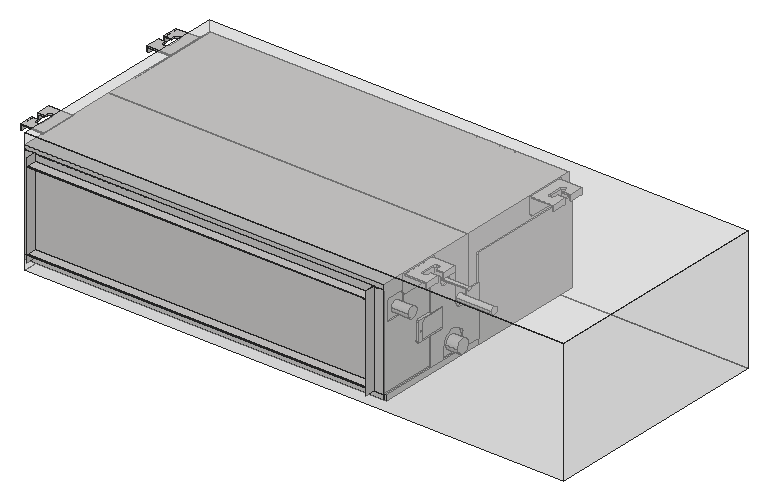
Revit family "outputfile", category 機械設備, Revit 2024
Family settings
  丸型コネクタ寸法 = 半径を使用
  パーツ タイプ = 標準
  OmniClass 番号 = 23.75.10.24.21.27.27
  OmniClass タイトル = Split System Air Conditioning Units
  作業面ベース = いいえ
  常に垂直 = はい
  ロード時にボイドで切り取り = いいえ
  注釈の向きを維持 = いいえ
  共有 = いいえ
  部屋計算ポイント = はい
Parameters (values of type "FXDQ20TV1C")
  Description = ""
  製造元 = "Daikin"
  書き出し IFC クラス(タイプ) = "IfcUnitaryEquipmentType"
  定義済み IFC タイプ(タイプ) = "AIRCONDITIONINGUNIT"
  Cost = 0
  モデル = "FXDQ20TV1C"
  Type Comments = ""
  Keynote = ""
  Type Image = (empty or 0)
  Assembly Code = ""
  r_Liquid Pipe Size = Liquid Pipe Size / 2  # 3.2 mm
  r_Gas Pipe Size = Gas Pipe Size / 2  # 6.35 mm
  r_Drain Pipe Size = Drain Pipe Size / 2  # 10.0 mm
  lw_powersuply = 65.0 mm  # constant formula
  lh_suctionflange [instance] = [h***] + 100.5 mm  # 100.5 mm
  lh_mounting = lh_mountinghole + [h***]  # 200.0 mm
  ld_suctionflange [instance] = if(and(Rear Connection_Return Air, Width = 700.0 mm), 94.5 mm, if(and(Rear Connection_Return Air, Width = 900.0 mm), 94.0 mm, if(and(Rear Connection_Return Air, Width = 1100.0 mm), 94.0 mm, 100.5 mm)))  # 94.5 mm
  ld_powersuply = 64.0 mm  # constant formula
  ld_mountinghole_Back = if(Width = 900.0 mm, 169.0 mm, 165.0 mm)  # 165.0 mm
  ld_mountinghole_Front = if(Width = 900.0 mm, 140.0 mm, 144.0 mm)  # 144.0 mm
  ld_RA_below = if(Width = 700.0 mm, 189.0 mm, 188.0 mm)  # 189.0 mm
  ld_RA = if(Width = 700.0 mm, 94.5 mm, 94.0 mm)  # 94.5 mm
  angle_vertical_RA [instance] = if(Rear Connection_Return Air, 90.00°, 0.00°)  # 90.00°
  angle horizontal_RA [instance] = if(Rear Connection_Return Air, 180.00°, 270.00°)  # 180.00°
  Voltage_comment_50Hz = "220-240"
  Voltage_50Hz = 220 V
  URL = ""
  Supply Air Direction [instance] = yes
  Sound Power Level_H speed (dB) = 0
  Rear Connection_Return Air [instance] = not(Bottom Connection_Return Air)  # yes
  Phase_50Hz = 1
  Minimum External Static Pressure = 10.00 Pa
  Minimum Circuit Amps_50Hz = 0.6 A
  Maximum Fuse Amps_50Hz = 15.0 A
  Maximum External Static Pressure = 40.00 Pa
  Material_Casing = DAIKIN_GalvanizedSteel_Casing_indoorunit
  ld_liquidpipe = 142.0 mm  # constant formula
  ld_gaspipe = 181.0 mm  # constant formula
  lw_mountinghole = Width + 52.0 mm  # 752.0 mm
  ld_drainpipe = 28.0 mm  # constant formula
  lh_liquidpipe = 151.0 mm
  lh_gaspipe = 101.0 mm
  lh_mountinghole = 200.0 mm  # constant formula
  lh_drainpipe = 152.0 mm  # constant formula
  h_antenna = Height - lh_mountinghole + 1.0 mm  # 1.0 mm
  h*** = 0.0 mm  # constant formula
  Width = 700.0 mm
  Version = "ver.1.0"
  Unit Type = "Slim Duct (Standard) Type"
  Unit Mass Weight = 18.00 kg
  Unit Designation [instance] = ""
  Uniclass2015Version = "Products v1.30"
  Uniclass2015Title = "Variable refrigerant flow units"
  Uniclass2015Code = "Pr_70_65_03_94"
  Total Heating Capacity [instance] = 0.000 kW
  Total Cooling Capacity [instance] = 0.000 kW
  Sound Pressure Level_M speed (dBA) = 0
  Sound Pressure Level_L speed (dBA) = 28
  Sound Pressure Level_H speed (dBA) = 32
  Series = "VRV Fan Coil Unit"
  Sensible Cooling Capacity [instance] = 0.000 kW
  SA Duct Size Width = if(Width = 900.0 mm, 860.0 mm, if(Width = 1100.0 mm, 1060.0 mm, 660.0 mm))  # 660.0 mm
  SA Duct Size Height = 153.0 mm  # constant formula
  Refrigerant Type = "R410A"
  RA Duct Size Width = if(Width = 900.0 mm, 775.0 mm, if(Width = 1100.0 mm, 975.0 mm, 575.0 mm))  # 575.0 mm
  RA Duct Size Height [instance] = if(Rear Connection_Return Air, 163.0 mm, if(Width = 700.0 mm, 153.0 mm, 152.0 mm))  # 163.0 mm
  Power Input (Heating) = 0.025 kW
  Power Input (Cooling) = 0.030 kW
  Option Accessory 3 [instance] = ""
  Option Accessory 2 [instance] = ""
  Option Accessory 1 [instance] = ""
  Nominal Heating Capacity = 2.500 kW
  Nominal Cooling Capacity = 2.200 kW
  Minimum Airflow = 0.00 m³/h
  Median Airflow = 0.00 m³/h
  Maximum Airflow = 486.00 m³/h
  Load Classification = HVAC
  Liquid Pipe Size = 6.4 mm
  Link_Nested Family [instance] = ""
  IfcVersion = "0"
  IfcExportType = "AIRCONDITIONINGUNIT"
  IfcExportAs = "IfcUnitaryEquipmentType"
  Height = 200.0 mm
  Heating Entering Wet Bulb Temperature [instance] = 0.00 °C
  Heating Entering Dry Bulb Temperature [instance] = 0.00 °C
  Heating Ambient Wet Bulb Temperature [instance] = 0.00 °C
  Heating Ambient Dry Bulb Temperature [instance] = 0.00 °C
  Heat Exchanger Type = "Cross Fin Coil"
  Gas Pipe Size = 12.7 mm
  Frequency_50Hz = 50 Hz
  Fan Type = "Sirocco Fan"
  Fan Drive = "Direct Drive"
  FCU Tag No. [instance] = ""
  Drain Pipe Size = 20.0 mm
  Design Supply Airflow [instance] = 0.00 m³/h
  Design Return Airflow [instance] = 0.00 m³/h
  Design External Static Pressure [instance] = 0.00 Pa
  Depth = 450.0 mm
  既定の高さ = 0.0 mm
  Cooling Entering Wet Bulb Temperature [instance] = 0.00 °C
  Cooling Entering Dry Bulb Temperature [instance] = 0.00 °C
  Cooling Ambient Wet Bulb Temperature [instance] = 0.00 °C
  Cooling Ambient Dry Bulb Temperature [instance] = 0.00 °C
  Clearance visibility [instance] = yes
  Clearance Top = 20.0 mm
  Clearance Right = 350.0 mm
  Clearance Rear = 0.0 mm
  Clearance Left = 0.0 mm
  Clearance Front = 0.0 mm
  Clearance Bottom = 20.0 mm
  Bottom Connection_Return Air [instance] = no
Reference planes
  plane 1 "Center (Front/Back)": y = 0
  plane 2 "Bottom": z = -200
  plane 3 "Center (Left/Right)": x = 0
  plane 4 "Back": y = 225
  plane 5 "Front": y = -225
  plane 6 "Left": x = -350
  plane 7 "Right": x = 350
  plane 8 "Top": z = 0
  plane 9 "BB": y = -20
  plane 10 "condensate water pan": z = -190
  plane 11 "Below": z = -200
  plane 12 "Other components Right": x = 355
  plane 13 "Other components Left": x = 345
  plane 14 "lh_drainpipe": z = -48
  plane 15 "ld_drainpipe": y = -197
  plane 16 "drainpipe": x = 383
  plane 17 "lh_liquidpipe": z = -49
  plane 18 "ld_liquidpipe": y = -83
  plane 19 "ld_gaspipe": y = -44
  plane 20 "lh_gaspipe": z = -99
  plane 21: x = 403
  plane 22: x = 420
  plane 23: x = 374
  plane 24 "w_mountinghole_Left": x = -376
  plane 25 "w_mountinghole_Right": x = 376
  plane 26 "d_mountinghole_Back": y = 165
  plane 27 "d_mountinghole_Front": y = -144
  plane 28 "h_mountinghole": z = 0
  plane 29 "lw_powersuply": x = 285
  plane 30 "ld_powersuply": y = -161
  plane 31 "Clearance Left": x = -350
  plane 32 "Clearance Right": x = 700
  plane 33 "Clearance Rear": y = 225
  plane 34 "Clearance Front": y = -225
  plane 35 "Clearance Bottom": z = -220
  plane 36 "Clearance Top": z = 20
  plane 37 "RA": y = 224
  plane 38: z = -199
  plane 39 "RA_d": y = 130.5
  plane 40 "RA_w": x = -51.5
  plane 41 "RA_h": z = -99.5
  plane 42 "SA_h": z = -99
  plane 43 "RA_dd": y = 36
Forms (mm)
  Extrusion 1, solid, material "DAIKIN_GalvanizedSteel_Casing_indoorunit" <- "Material_Casing"
    sketch origin (0, 0, 100) x (0, 1, 0) y (0, 0, 1)
      loop
        line (-20, -100) -> (-20, -300) -> (225, -300) -> (225, -100) -> (-20, -100)
    from -350 to 350
  Extrusion 2, solid, material "DAIKIN_GalvanizedSteel_Casing_indoorunit" <- "Material_Casing"
    sketch origin (0, 0, 100) x (0, 1, 0) y (0, 0, 1)
      loop
        line (-225, -100) -> (-225, -290) -> (-20, -290) -> (-20, -100) -> (-225, -100)
    from -350 to 350
  Extrusion 3, solid, material "DAIKIN_GalvanizedSteel_Casing_indoorunit" <- "Material_Casing"
    sketch origin (0, 0, 100) x (0, 1, 0) y (0, 0, 1)
      loop
        line (-225, -290) -> (-225, -300) -> (-20, -300) -> (-20, -290) -> (-225, -290)
    from -350 to 350
  Extrusion 4, solid, material "DAIKIN_GalvanizedSteel_Casing_indoorunit" <- "Material_Casing"
    sketch origin (0, 0, 0) x (0, 1, 0) y (0, 0, 1)
      loop
        arc (2, -40) -> (-0.121, -40.879) -> (-1, -43) r 3
        line (-1, -43) -> (-1, -197)
        arc (-1, -197) -> (-0.121, -199.121) -> (2, -200) r 3
        line (2, -200) -> (225, -200) -> (225, -40) -> (2, -40)
    from 350 to 355
  Extrusion 5, solid, material "DAIKIN_GalvanizedSteel_Casing_indoorunit" <- "Material_Casing"
    sketch origin (620, 0, 0) x (0, 1, 0) y (0, 0, 1)
      loop
        line (-225, -190) -> (-225, -200) -> (-2, -200) -> (-2, -193)
        arc (-2, -193) -> (-2.879, -190.879) -> (-5, -190) r 3
        line (-5, -190) -> (-225, -190)
    from -270 to -265
  Extrusion 6, void
    sketch origin (0, 0, 0) x (0, 1, 0) y (0, 0, 1)
      loop
        arc (-145.64, -94.17) -> (-147.761, -95.049) -> (-148.64, -97.17) r 3
        line (-148.64, -97.17) -> (-148.64, -131.17)
        arc (-148.64, -131.17) -> (-147.761, -133.291) -> (-145.64, -134.17) r 3
        line (-145.64, -134.17) -> (-91.78, -134.17)
        arc (-91.78, -134.17) -> (-89.659, -133.291) -> (-88.78, -131.17) r 3
        line (-88.78, -131.17) -> (-88.78, -97.17)
        arc (-88.78, -97.17) -> (-89.659, -95.049) -> (-91.78, -94.17) r 3
        line (-91.78, -94.17) -> (-145.64, -94.17)
    from 345 to 355
  Extrusion 7, void
    sketch origin (460, 0, 0) x (0, 1, 0) y (0, 0, 1)
      loop
        arc (-212.95, -27.05) -> (-216.486, -28.514) -> (-217.95, -32.05) r 5
        line (-217.95, -32.05) -> (-217.95, -63.95)
        arc (-217.95, -63.95) -> (-216.486, -67.486) -> (-212.95, -68.95) r 5
        line (-212.95, -68.95) -> (-181.05, -68.95)
        arc (-181.05, -68.95) -> (-177.514, -67.486) -> (-176.05, -63.95) r 5
        line (-176.05, -63.95) -> (-176.05, -32.05)
        arc (-176.05, -32.05) -> (-177.514, -28.514) -> (-181.05, -27.05) r 5
        line (-181.05, -27.05) -> (-212.95, -27.05)
    from -115 to -105
  Extrusion 8, solid, material "DAIKIN_GalvanizedSteel_Casing_indoorunit" <- "Material_Casing"
    sketch origin (700, 0, 0) x (0, 1, 0) y (0, 0, 1)
      loop
        line (-116.823, -42) -> (-116.823, -190) -> (-87.438, -190) -> (-87.438, -167.881)
        arc (-87.438, -167.881) -> (-62.998, -143.441) -> (-38.558, -167.881) r 24.44
        line (-38.558, -167.881) -> (-38.558, -190) -> (-1, -190) -> (-1, -92.773) -> (-27.497, -92.773)
        arc (-27.497, -92.773) -> (-28.911, -93.359) -> (-29.497, -94.773) r 2
        line (-29.497, -94.773) -> (-29.497, -99)
        arc (-29.497, -99) -> (-43.997, -113.5) -> (-58.497, -99) r 14.5
        line (-58.497, -99) -> (-58.497, -42.3)
        arc (-58.497, -42.3) -> (-59.171, -40.674) -> (-60.797, -40) r 2.3
        line (-60.797, -40) -> (-69, -40)
        arc (-69, -40) -> (-70.414, -40.586) -> (-71, -42) r 2
        line (-71, -42) -> (-71, -49)
        arc (-71, -49) -> (-83, -61) -> (-95, -49) r 12
        line (-95, -49) -> (-95, -42)
        arc (-95, -42) -> (-95.586, -40.586) -> (-97, -40) r 2
        line (-97, -40) -> (-114.823, -40)
        arc (-114.823, -40) -> (-116.237, -40.586) -> (-116.823, -42) r 2
    from -350 to -345
  Extrusion 9, solid, material "DAIKIN_GalvanizedSteel_Casing_indoorunit" <- "Material_Casing"
    sketch origin (0, 0, 0) x (0, 1, 0) y (0, 0, 1)
      loop
        line (-91.78, -95.17) -> (-145.64, -95.17)
        arc (-145.64, -95.17) -> (-147.054, -95.756) -> (-147.64, -97.17) r 2
        line (-147.64, -97.17) -> (-147.64, -131.17)
        arc (-147.64, -131.17) -> (-147.054, -132.584) -> (-145.64, -133.17) r 2
        line (-145.64, -133.17) -> (-91.78, -133.17)
        arc (-91.78, -133.17) -> (-90.366, -132.584) -> (-89.78, -131.17) r 2
        line (-89.78, -131.17) -> (-89.78, -97.17)
        arc (-89.78, -97.17) -> (-90.366, -95.756) -> (-91.78, -95.17) r 2
    from 345 to 355
  Extrusion 10, solid, material "DAIKIN_GalvanizedSteel_Casing_indoorunit" <- "Material_Casing"
    sketch origin (0, 0, 0) x (0, 1, 0) y (0, 0, 1)
      loop
        line (-89.78, -97.67) -> (-136.14, -97.67) -> (-136.14, -130.67) -> (-89.78, -130.67) -> (-89.78, -97.67)
      loop
        circle (-142.64, -114.17) r 1.5
    from 350 to 355
  Extrusion 11, solid, material "DAIKIN_GalvanizedSteel_Casing_indoorunit" <- "Material_Casing"
    sketch origin (0, 0, 0) x (0, 1, 0) y (0, 0, 1)
      loop
        circle (-197, -48) r 10
    from 350 to 383
  Extrusion 12, solid, material "DAIKIN_GalvanizedSteel_Casing_indoorunit" <- "Material_Casing"
    sketch origin (0, 0, 0) x (0, 1, 0) y (0, 0, 1)
      loop
        circle (-83, -49) r 3.2
    from 350 to 403
  Extrusion 13, solid, material "DAIKIN_GalvanizedSteel_Casing_indoorunit" <- "Material_Casing"
    sketch origin (0, 0, 0) x (0, 1, 0) y (0, 0, 1)
      loop
        circle (-44, -99) r 6.35
    from 350 to 420
  Extrusion 14, solid, material "DAIKIN_GalvanizedSteel_Casing_indoorunit" <- "Material_Casing"
    sketch origin (0, 0, 0) x (0, 1, 0) y (0, 0, 1)
      loop
        circle (-62.998, -169) r 13
    from 350 to 374
  Extrusion 15, void
    sketch origin (0, 0, 0) x (1, 0, 0) y (0, 0, 1)
      loop
        line (246, -1) -> (-349, -1) -> (-349, -200) -> (246, -200) -> (246, -1)
    from -225 to -36
  Extrusion 16, solid, material "DAIKIN_GalvanizedSteel_Casing_indoorunit" <- "Material_Casing", visible <- "Bottom Connection_Return Air"
    sketch origin (0, 0, 0) x (1, 0, 0) y (0, 0, 1)
      loop
        line (246, -1) -> (-349, -1) -> (-349, -200) -> (246, -200) -> (246, -1)
    from -225 to -224
  Extrusion 17, solid, material "DAIKIN_GalvanizedSteel_Casing_indoorunit" <- "Material_Casing", visible <- "Rear Connection_Return Air"
    sketch origin (0, 0, 0) x (1, 0, 0) y (0, 1, 0)
      loop
        line (-349, 36) -> (246, 36) -> (246, 225) -> (-349, 225) -> (-349, 36)
    from -200 to -199
Cuts and joins
  Extrusion 6, Extrusion 7 cuts Extrusion 2
  Extrusion 6 cuts Extrusion 8
  Extrusion 15 cuts Extrusion 1
Dimensions and locks
  locked: plane 9 "BB" to plane 1 "Center (Front/Back)" at 20
  equal spacing: plane 4 "Back", plane 1 "Center (Front/Back)", plane 5 "Front"
  "Depth": plane 4 "Back" to plane 5 "Front"
  plane 9 "BB" to plane 4 "Back" = 245.0 mm
  plane 5 "Front" to plane 9 "BB" = 205.0 mm
  equal spacing: plane 6 "Left", plane 3 "Center (Left/Right)", plane 7 "Right"
  "Width": plane 6 "Left" to plane 7 "Right"
  locked: plane 1 "Center (Front/Back)" to plane 9 "BB" at 20
  "h***": plane 11 "Below" to plane 2 "Bottom"
  locked: plane 10 "condensate water pan" to plane 11 "Below" at 10
  "Height": plane 8 "Top" to plane 11 "Below"
  locked: Extrusion 4 sketch curve to plane 4 "Back" at 226
  locked: Extrusion 4 sketch curve to plane 11 "Below" at 160
  locked: plane 7 "Right" to plane 12 "Other components Right" at 5
  locked: plane 13 "Other components Left" to plane 7 "Right" at 5
  "lh_drainpipe": plane 14 "lh_drainpipe" to plane 11 "Below"
  plane 5 "Front" to plane 15 "ld_drainpipe" = 28.0 mm
  "ld_drainpipe": plane 15 "ld_drainpipe" to plane 5 "Front"
  locked: plane 7 "Right" to plane 16 "drainpipe" at 33
  "lh_liquidpipe": plane 17 "lh_liquidpipe" to plane 11 "Below"
  "ld_liquidpipe": plane 18 "ld_liquidpipe" to plane 5 "Front"
  "ld_gaspipe": plane 19 "ld_gaspipe" to plane 5 "Front"
  plane 5 "Front" to plane 18 "ld_liquidpipe" = 142.0 mm
  plane 5 "Front" to plane 19 "ld_gaspipe" = 181.0 mm
  "lh_gaspipe": plane 20 "lh_gaspipe" to plane 11 "Below"
  locked: plane 7 "Right" to plane 21 at 53
  locked: plane 7 "Right" to plane 22 at 70
  locked: plane 7 "Right" to plane 23 at 24
  equal spacing: plane 24 "w_mountinghole_Left", plane 3 "Center (Left/Right)", plane 25 "w_mountinghole_Right"
  "lw_mountinghole": plane 24 "w_mountinghole_Left" to plane 25 "w_mountinghole_Right"
  plane 26 "d_mountinghole_Back" to plane 27 "d_mountinghole_Front" = 309.0 mm
  "lh_mountinghole": plane 28 "h_mountinghole" to plane 11 "Below"
  "lw_powersuply": plane 29 "lw_powersuply" to plane 7 "Right"
  "ld_powersuply": plane 5 "Front" to plane 30 "ld_powersuply"
  "Clearance Rear": plane 33 "Clearance Rear" to plane 4 "Back"
  "Clearance Front": plane 5 "Front" to plane 34 "Clearance Front"
  "Clearance Bottom": plane 11 "Below" to plane 35 "Clearance Bottom"
  "Clearance Top": plane 36 "Clearance Top" to plane 8 "Top"
  "Clearance Left": plane 31 "Clearance Left" to plane 6 "Left"
  "Clearance Right": plane 7 "Right" to plane 32 "Clearance Right"
  locked: cut or joined group of Extrusion 1, Extrusion 15 to plane 6 "Left" at 1
  locked: plane 7 "Right" to cut or joined group of Extrusion 1, Extrusion 15 at 104
  locked: plane 4 "Back" to plane 37 "RA" at 1
  locked: plane 6 "Left" to Extrusion 17 sketch curve at 1
  locked: Extrusion 17 sketch curve to plane 7 "Right" at 104
  locked: plane 38 to plane 11 "Below" at 1
  locked: plane 40 "RA_w" to plane 3 "Center (Left/Right)" at 51.5
  "ld_RA": plane 39 "RA_d" to plane 4 "Back"
  locked: plane 11 "Below" to plane 41 "RA_h" at 100.5
  locked: plane 11 "Below" to plane 42 "SA_h" at 101
  "ld_mountinghole_Back": plane 26 "d_mountinghole_Back" to plane 1 "Center (Front/Back)"
  "ld_mountinghole_Front": plane 27 "d_mountinghole_Front" to plane 1 "Center (Front/Back)"
  "ld_RA_below": plane 4 "Back" to plane 43 "RA_dd"
  "r_Liquid Pipe Size": radius of Extrusion 12 sketch curve
  "r_Gas Pipe Size": radius of Extrusion 13 sketch curve
  "r_Drain Pipe Size": radius of Extrusion 11 sketch curve
  aligned and locked: Extrusion 1 sketch curve to plane 8 "Top"
  aligned and locked: Extrusion 1 sketch curve to plane 9 "BB"
  aligned and locked: Extrusion 1 sketch curve to plane 4 "Back"
  aligned and locked: Extrusion 2 sketch curve to plane 9 "BB"
  aligned and locked: Extrusion 2 sketch curve to plane 8 "Top"
  aligned and locked: plane 5 "Front" to Extrusion 2 sketch curve
  aligned and locked: Extrusion 1 to plane 6 "Left"
  aligned and locked: plane 7 "Right" to Extrusion 1
  aligned and locked: Extrusion 2 to plane 6 "Left"
  aligned and locked: plane 7 "Right" to Extrusion 2
  aligned and locked: plane 10 "condensate water pan" to Extrusion 2 sketch curve
  aligned and locked: Extrusion 3 sketch curve to plane 10 "condensate water pan"
  aligned and locked: plane 5 "Front" to Extrusion 3 sketch curve
  aligned and locked: plane 9 "BB" to Extrusion 3 sketch curve
  aligned and locked: Extrusion 3 to plane 6 "Left"
  aligned and locked: plane 7 "Right" to Extrusion 3
  aligned and locked: plane 11 "Below" to Extrusion 3
  aligned and locked: Extrusion 1 to plane 11 "Below"
  aligned and locked: plane 11 "Below" to Extrusion 4 sketch curve
  aligned and locked: Extrusion 4 sketch curve to plane 4 "Back"
  aligned and locked: Extrusion 4 to plane 7 "Right"
  aligned and locked: plane 12 "Other components Right" to Extrusion 4
  aligned and locked: Extrusion 5 sketch curve to plane 10 "condensate water pan"
  aligned and locked: plane 5 "Front" to Extrusion 5 sketch curve
  aligned and locked: plane 11 "Below" to Extrusion 5 sketch curve
  aligned and locked: Extrusion 5 to plane 7 "Right"
  aligned and locked: plane 12 "Other components Right" to Extrusion 5
  aligned and locked: Extrusion 8 to plane 7 "Right"
  aligned and locked: plane 12 "Other components Right" to Extrusion 8
  aligned and locked: Extrusion 6 to plane 13 "Other components Left"
  aligned and locked: Extrusion 7 to plane 13 "Other components Left"
  aligned and locked: plane 12 "Other components Right" to Extrusion 7
  aligned and locked: plane 12 "Other components Right" to Extrusion 6
  aligned and locked: Extrusion 10 to plane 7 "Right"
  aligned and locked: Extrusion 9 to plane 13 "Other components Left"
  aligned and locked: plane 16 "drainpipe" to Extrusion 11
  aligned and locked: Extrusion 11 to plane 7 "Right"
  aligned and locked: plane 12 "Other components Right" to Extrusion 9
  aligned and locked: plane 12 "Other components Right" to Extrusion 10
  aligned and locked: Extrusion 12 to plane 7 "Right"
  aligned and locked: plane 21 to Extrusion 12
  aligned and locked: Extrusion 13 sketch curve to plane 19 "ld_gaspipe"
  aligned and locked: plane 20 "lh_gaspipe" to Extrusion 13 sketch curve
  aligned and locked: Extrusion 12 sketch curve to plane 18 "ld_liquidpipe"
  aligned and locked: plane 17 "lh_liquidpipe" to Extrusion 12 sketch curve
  aligned and locked: plane 14 "lh_drainpipe" to Extrusion 11 sketch curve
  aligned and locked: Extrusion 11 sketch curve to plane 15 "ld_drainpipe"
  aligned and locked: Extrusion 13 to plane 7 "Right"
  aligned and locked: plane 22 to Extrusion 13
  aligned and locked: Extrusion 14 to plane 7 "Right"
  aligned and locked: plane 23 to Extrusion 14
  aligned and locked: plane 25 "w_mountinghole_Right" to nested 2
  aligned and locked: nested 2 to plane 26 "d_mountinghole_Back"
  aligned and locked: plane 28 "h_mountinghole" to nested 2
  aligned and locked: plane 27 "d_mountinghole_Front" to nested 3
  aligned and locked: plane 25 "w_mountinghole_Right" to nested 3
  aligned and locked: plane 24 "w_mountinghole_Left" to nested 4
  aligned and locked: plane 26 "d_mountinghole_Back" to nested 4
  aligned and locked: plane 24 "w_mountinghole_Left" to nested 5
  aligned and locked: nested 5 to plane 27 "d_mountinghole_Front"
  aligned and locked: plane 28 "h_mountinghole" to nested 4
  aligned and locked: plane 28 "h_mountinghole" to nested 5
  aligned and locked: plane 28 "h_mountinghole" to nested 3
  aligned and locked: plane 24 "w_mountinghole_Left" to nested 1
  aligned and locked: nested 1 to plane 26 "d_mountinghole_Back"
  aligned and locked: plane 27 "d_mountinghole_Front" to nested 6
  aligned and locked: plane 24 "w_mountinghole_Left" to nested 6
  aligned and locked: nested 7 to plane 25 "w_mountinghole_Right"
  aligned and locked: nested 7 to plane 26 "d_mountinghole_Back"
  aligned and locked: plane 27 "d_mountinghole_Front" to nested 8
  aligned and locked: nested 8 to plane 25 "w_mountinghole_Right"
  aligned and locked: plane 15 "ld_drainpipe" to nested 9
  aligned and locked: plane 7 "Right" to nested 9
  aligned and locked: plane 14 "lh_drainpipe" to nested 9
  aligned and locked: plane 7 "Right" to nested 11
  aligned and locked: plane 7 "Right" to nested 10
  aligned and locked: plane 18 "ld_liquidpipe" to nested 10
  aligned and locked: plane 19 "ld_gaspipe" to nested 11
  aligned and locked: nested 10 to plane 17 "lh_liquidpipe"
  aligned and locked: nested 11 to plane 20 "lh_gaspipe"
  aligned and locked: plane 31 "Clearance Left" to nested 12
  aligned and locked: plane 33 "Clearance Rear" to nested 12
  aligned and locked: plane 34 "Clearance Front" to nested 12
  aligned and locked: nested 12 to plane 32 "Clearance Right"
  aligned and locked: plane 36 "Clearance Top" to nested 12
  aligned and locked: plane 35 "Clearance Bottom" to nested 12
  aligned and locked: nested 13 to plane 29 "lw_powersuply"
  aligned and locked: plane 30 "ld_powersuply" to nested 13
  aligned and locked: nested 13 to plane 20 "lh_gaspipe"
  aligned and locked: plane 3 "Center (Left/Right)" to nested 14
  aligned and locked: plane 1 "Center (Front/Back)" to nested 14
  aligned and locked: plane 1 "Center (Front/Back)" to nested 15
  aligned and locked: nested 15 to plane 11 "Below"
  aligned and locked: plane 3 "Center (Left/Right)" to nested 16
  aligned and locked: plane 3 "Center (Left/Right)" to nested 17
  aligned and locked: plane 8 "Top" to nested 16
  aligned and locked: plane 4 "Back" to Extrusion 15
  aligned and locked: plane 4 "Back" to Extrusion 16
  aligned and locked: Extrusion 16 to plane 37 "RA"
  aligned and locked: Extrusion 17 to plane 11 "Below"
  aligned and locked: plane 38 to Extrusion 17
  aligned and locked: plane 39 "RA_d" to nested 18
  aligned and locked: plane 1 "Center (Front/Back)" to nested 19
  aligned and locked: plane 3 "Center (Left/Right)" to nested 19
  aligned and locked: plane 42 "SA_h" to nested 19
  aligned and locked: nested 16 to plane 37 "RA"
  aligned and locked: nested 16 to plane 4 "Back"
  aligned and locked: nested 17 to plane 38
  aligned and locked: nested 17 to plane 37 "RA"
  aligned and locked: Extrusion 15 to plane 43 "RA_dd"
  aligned and locked: Extrusion 17 sketch curve to plane 43 "RA_dd"
  aligned and locked: level to plane 8 "Top"
Automatic sketch dimensions
  Extrusion 1 sketch curve to plane 10 "condensate water pan" = 10.0 mm
  Extrusion 3 sketch curve to plane 10 "condensate water pan" = 10.0 mm
  Extrusion 4 sketch curve to plane 10 "condensate water pan" = 7.0 mm
  Extrusion 4 sketch curve to plane 1 "Center (Front/Back)" = 2.0 mm
  plane 1 "Center (Front/Back)" to Extrusion 5 sketch curve = 2.0 mm
  Extrusion 5 sketch curve to plane 10 "condensate water pan" = 3.0 mm
  plane 5 "Front" to Extrusion 6 sketch curve = 76.36 mm
  Extrusion 6 sketch curve to Extrusion 6 sketch curve = 3.0 mm  (x3)
  Extrusion 6 sketch curve to Extrusion 6 sketch curve = 53.86 mm
  Extrusion 6 sketch curve to Extrusion 6 sketch curve = 0.0 mm
  plane 10 "condensate water pan" to Extrusion 6 sketch curve = 55.83 mm
  Extrusion 6 sketch curve to Extrusion 6 sketch curve = 34.0 mm
  plane 5 "Front" to Extrusion 7 sketch curve = 7.05 mm
  Extrusion 7 sketch curve to Extrusion 7 sketch curve = 5.0 mm  (x3)
  Extrusion 7 sketch curve to Extrusion 7 sketch curve = 31.9 mm  (x3)
  Extrusion 7 sketch curve to plane 8 "Top" = 68.95 mm
  Extrusion 8 sketch curve to plane 10 "condensate water pan" = 0.0 mm  (x2)
  Extrusion 8 sketch curve to plane 9 "BB" = 96.823 mm
  Extrusion 8 sketch curve to Extrusion 8 sketch curve = 2.0 mm  (x4)
  Extrusion 8 sketch curve to Extrusion 8 sketch curve = 17.823 mm
  Extrusion 8 sketch curve to Extrusion 8 sketch curve = 29.385 mm
  Extrusion 8 sketch curve to Extrusion 8 sketch curve = 12.0 mm
  Extrusion 8 sketch curve to Extrusion 8 sketch curve = 24.44 mm
  Extrusion 8 sketch curve to Extrusion 8 sketch curve = 8.203 mm
  Extrusion 8 sketch curve to plane 9 "BB" = 38.497 mm
  Extrusion 8 sketch curve to Extrusion 8 sketch curve = 14.5 mm
  plane 1 "Center (Front/Back)" to Extrusion 8 sketch curve = 1.0 mm
  Extrusion 8 sketch curve to Extrusion 8 sketch curve = 22.119 mm
  Extrusion 8 sketch curve to Extrusion 8 sketch curve = 68.881 mm
  Extrusion 8 sketch curve to Extrusion 8 sketch curve = 4.227 mm
  Extrusion 8 sketch curve to plane 8 "Top" = 49.0 mm
  Extrusion 8 sketch curve to Extrusion 8 sketch curve = 6.7 mm
  Extrusion 8 sketch curve to Extrusion 8 sketch curve = 7.0 mm
  plane 5 "Front" to Extrusion 9 sketch curve = 79.36 mm
  Extrusion 9 sketch curve to Extrusion 9 sketch curve = 2.0 mm  (x3)
  Extrusion 9 sketch curve to Extrusion 9 sketch curve = 53.86 mm
  Extrusion 9 sketch curve to Extrusion 9 sketch curve = 0.0 mm
  plane 10 "condensate water pan" to Extrusion 9 sketch curve = 56.83 mm
  Extrusion 9 sketch curve to Extrusion 9 sketch curve = 34.0 mm
  plane 5 "Front" to Extrusion 10 sketch curve = 82.36 mm
  Extrusion 10 sketch curve to Extrusion 10 sketch curve = 6.5 mm
  Extrusion 10 sketch curve to Extrusion 10 sketch curve = 46.36 mm
  plane 10 "condensate water pan" to Extrusion 10 sketch curve = 59.33 mm
  Extrusion 10 sketch curve to Extrusion 10 sketch curve = 16.5 mm  (x2)
  Extrusion 14 sketch curve to plane 19 "ld_gaspipe" = 18.998 mm
  plane 10 "condensate water pan" to Extrusion 14 sketch curve = 21.0 mm
  plane 6 "Left" to Extrusion 15 sketch curve = 1.0 mm
  plane 35 "Clearance Bottom" to Extrusion 15 sketch curve = 20.0 mm
  plane 29 "lw_powersuply" to Extrusion 15 sketch curve = 39.0 mm
  Extrusion 15 sketch curve to plane 8 "Top" = 1.0 mm
  plane 6 "Left" to Extrusion 16 sketch curve = 1.0 mm
  Extrusion 16 sketch curve to plane 11 "Below" = 0.0 mm
  plane 29 "lw_powersuply" to Extrusion 16 sketch curve = 39.0 mm
  Extrusion 16 sketch curve to plane 8 "Top" = 1.0 mm
  Extrusion 17 sketch curve to plane 4 "Back" = 0.0 mm
  radius of Extrusion 10 sketch curve = 1.5 mm
  radius of Extrusion 14 sketch curve = 13.0 mm
Nested families
  nested 1: "daikin_mountinghole" at (-376, 165, -200), h_mountinghole <- "lh_mounting", l_antenna <- "h_antenna", Link_Nested Family <- "Link_Nested Family", type "daikin_mountinghole"
    with show yes, l_antenna 1.0 mm, h_mountinghole 200.0 mm, Link_Nested Family ""
  nested 2: "daikin_hangerfixture_FXDQ-TV1C(A)" at (350, 165, 0), type "daikin_hangerfixture_FXDQ-TV1C(A)"
  nested 3: "daikin_hangerfixture_FXDQ-TV1C(A)" at (350, -144, 0), type "daikin_hangerfixture_FXDQ-TV1C(A)"
  nested 4: "daikin_hangerfixture_FXDQ-TV1C(A)" at (-350, 165, 0) x (-1, 0, 0) z (0, 0, 1), type "daikin_hangerfixture_FXDQ-TV1C(A)"
  nested 5: "daikin_hangerfixture_FXDQ-TV1C(A)" at (-350, -144, 0) x (-1, 0, 0) z (0, 0, 1), type "daikin_hangerfixture_FXDQ-TV1C(A)"
  nested 6: "daikin_mountinghole" at (-376, -144, -200), h_mountinghole <- "lh_mounting", l_antenna <- "h_antenna", Link_Nested Family <- "Link_Nested Family", type "daikin_mountinghole"
    with show yes, l_antenna 1.0 mm, h_mountinghole 200.0 mm, Link_Nested Family ""
  nested 7: "daikin_mountinghole" at (376, 165, -200), h_mountinghole <- "lh_mounting", l_antenna <- "h_antenna", Link_Nested Family <- "Link_Nested Family", type "daikin_mountinghole"
    with show yes, l_antenna 1.0 mm, h_mountinghole 200.0 mm, Link_Nested Family ""
  nested 8: "daikin_mountinghole" at (376, -144, -200), h_mountinghole <- "lh_mounting", l_antenna <- "h_antenna", Link_Nested Family <- "Link_Nested Family", type "daikin_mountinghole"
    with show yes, l_antenna 1.0 mm, h_mountinghole 200.0 mm, Link_Nested Family ""
  nested 9: "daikin_connector_rotate2" at (350, -197, -48) x (0, 1, 0) z (0, 0, 1), radius <- "r_Drain Pipe Size", type "daikin_connector_rotate2"
    with radius 10.0 mm, length 33.0 mm, angle_vertical 90.00°, show_face no
  nested 10: "daikin_connector_rotate2" at (350, -83, -49) x (0, 1, 0) z (0, 0, 1), radius <- "r_Liquid Pipe Size", type "daikin_connector_rotate2"
    with radius 3.2 mm, length 53.0 mm, angle_vertical 90.00°, show_face no
  nested 11: "daikin_connector_rotate2" at (350, -44, -99) x (0, 1, 0) z (0, 0, 1), radius <- "r_Gas Pipe Size", type "daikin_connector_rotate2"
    with radius 6.35 mm, length 70.0 mm, angle_vertical 90.00°, show_face no
  nested 12: "daikin_clearancespace" at (175, 0, -99.881), visible <- "Clearance visibility", show <- "Clearance visibility", Link_Nested Family <- "Link_Nested Family", type "daikin_clearancespace"
    with width 1050.0 mm, show yes, height 240.0 mm, depth 450.0 mm, Link_Nested Family ""
  nested 13: "daikin_connector_rotate2" at (285, -161, -99) x (1, 0, 0) z (0, -1, 0), type "daikin_connector_rotate2"
    with radius 10.0 mm, length 101.0 mm, angle_vertical 90.00°, show_face no
  nested 14: "daikin_△_symbolicline" at (0, 0, 200), visible <- "Supply Air Direction", built-in parameter 1001360 <- "Height", type "daikin_△_symbolicline"
    with length 200.0 mm
  nested 15: "daikin_ductflange_FXDQ-TV1C(A)1" at (0, 0, -364.701), width <- "SA Duct Size Width", height <- "SA Duct Size Height", material <- "Material_Casing", type "daikin_ductflange_FXDQ-TV1C(A)1"
    with width 660.0 mm, material DAIKIN_GalvanizedSteel_Casing_indoorunit, height 153.0 mm, depth 20.0 mm
  nested 16: "daikin_ductflange_FXDQ-TV1C(A)2" at (0, 225, -99.5), visible <- "Rear Connection_Return Air", height <- "RA Duct Size Height", width <- "RA Duct Size Width", material <- "Material_Casing", type "daikin_ductflange_FXDQ-TV1C(A)2"
    with width 575.0 mm, material DAIKIN_GalvanizedSteel_Casing_indoorunit, height 163.0 mm, depth 1.0 mm
  nested 17: "daikin_ductflange_FXDQ-TV1C(A)2" at (0, 125.5, -200) x (1, 0, 0) z (0, 1, 0), visible <- "Bottom Connection_Return Air", width <- "RA Duct Size Width", height <- "RA Duct Size Height", type "daikin_ductflange_FXDQ-TV1C(A)2"
    with width 575.0 mm, material DAIKIN_GalvanizedSteel_Casing_indoorunit, height 163.0 mm, depth 1.0 mm
  nested 18: "daikin_connector_rotate3" at (-51.5, 130.5, -99.5), angle_vertical <- "angle_vertical_RA", angle_horizontal <- "angle horizontal_RA", length <- "ld_suctionflange", built-in parameter 1001364 <- "lh_suctionflange", type "daikin_connector_rotate3"
    with show yes, radius 10.0 mm, length 94.5 mm, angle_vertical 90.00°, angle_horizontal 180.00°
  nested 19: "daikin_connector_rotate2" at (0, 0, -99), type "daikin_connector_rotate2"
    with radius 10.0 mm, length 245.0 mm, angle_vertical 90.00°, show_face no
Connectors
  piping at (383, -197, -48), diameter 20, driven by "r_Drain Pipe Size"
    settings: on nested 9, index 1, connector inside diameter 609.6 mm, connector length 0.0 mm, flow factor 0, pipe flow 0.00 m³/h, pressure drop 0.0 Pa, fitting loss kfactor 0, connector angle 0.00°, fixture units 0, engagement length 0.0 mm, angle of deflection 0.00°, flow configuration 1, flow direction 2, fitting loss method 4, system type 16, joint type 0, gender type 0, connector reference index -1, connector utility 0, adjustable connector no, is connector primary yes, connector description "Condensate Drain Piping"
  piping at (420, -44, -99), diameter 12.7, driven by "r_Gas Pipe Size"
    settings: on nested 11, index 2, connector inside diameter 609.6 mm, connector length 0.0 mm, flow factor 0, pipe flow 0.00 m³/h, pressure drop 0.0 Pa, fitting loss kfactor 0, connector angle 0.00°, fixture units 0, engagement length 0.0 mm, angle of deflection 0.00°, flow configuration 1, flow direction 2, fitting loss method 0, system type 29, joint type 0, gender type 0, connector reference index -1, connector utility 0, adjustable connector no, is connector primary no, connector description "Refrigerant Gas Piping"
  piping at (403, -83, -49), diameter 6.4, driven by "r_Liquid Pipe Size"
    settings: on nested 10, index 3, connector inside diameter 609.6 mm, connector length 0.0 mm, flow factor 0, pipe flow 0.00 m³/h, pressure drop 0.0 Pa, fitting loss kfactor 0, connector angle 0.00°, fixture units 0, engagement length 0.0 mm, angle of deflection 0.00°, flow configuration 1, flow direction 1, fitting loss method 0, system type 29, joint type 0, gender type 0, connector reference index -1, connector utility 0, adjustable connector no, is connector primary no, connector description "Refrigerant Liquid Piping"
  electrical at (285, -161, -200), driven by "Load Classification"
    settings: on nested 13, index 4, voltage 0 V, apparent load 0 VA, apparent load phase1 0 VA, apparent load phase2 0 VA, apparent load phase3 0 VA, power factor 1, load classification "HVAC", number of poles 1, system type 30, power factor state 1, is connector primary yes, connector utility no, sub classification motor no, connector description "Power Supply"
  hvac at (-51.5, 225, -99.5), driven by "RA Duct Size Height", driven by "RA Duct Size Width"
    settings: on nested 18, index 5, duct flow 0.00 m³/h, flow factor 0, pres drop 0.00 Pa, loss coef 0, conn angle 0.00°, conn width 575.0 mm, conn height 163.0 mm, conn diameter 609.6 mm, duct sys type 2, conn prof type 1, flow config 0, flow direction 1, loss method 4, conn ref index -1, conn util no, is conn primary yes, conn desc "RA Duct"
  hvac at (0, -245, -99), driven by "SA Duct Size Height", driven by "SA Duct Size Width"
    settings: on nested 19, index 6, duct flow 0.00 m³/h, flow factor 0, pres drop 0.00 Pa, loss coef 0, conn angle 0.00°, conn width 660.0 mm, conn height 153.0 mm, conn diameter 609.6 mm, duct sys type 1, conn prof type 1, flow config 0, flow direction 2, loss method 4, conn ref index -1, conn util no, is conn primary no, conn desc "SA Duct"
Definition of nested family "daikin_hangerfixture_FXDQ-TV1C(A)"
  Parameters (values of type "daikin_hangerfixture_FXDQ-TV1C(A)")
    width = 46.0 mm
    material = none
    height = 35.0 mm
    depth = 70.0 mm
    Default Elevation = 0.0 mm
  Reference planes
    plane 1 "Center (Front/Back)": y = 0
    plane 2: z = 0
    plane 3 "Center (Left/Right)": x = 0
    plane 4: z = -35
    plane 5: y = 35
    plane 6: y = -35
    plane 7: x = 46
    plane 8: z = -2
    plane 9: x = 44
    plane 10: x = 2
    plane 11: x = 26
  Forms (mm)
    Extrusion 1, solid, material <- "material"
      sketch origin (0, 0, 0) x (1, 0, 0) y (0, 1, 0)
        loop
          line (0, 35) -> (0, -35) -> (46, -35) -> (46, -6.5) -> (31.85, -6.5) -> (31.85, -12.15)
          arc (31.85, -12.15) -> (26, -18) -> (20.15, -12.15) r 5.85
          line (20.15, -12.15) -> (20.15, 12.15)
          arc (20.15, 12.15) -> (26, 18) -> (31.85, 12.15) r 5.85
          line (31.85, 12.15) -> (31.85, 6.5) -> (46, 6.5) -> (46, 35) -> (0, 35)
      from -2 to 0
    Extrusion 2, solid, material <- "material"
      sketch origin (0, 0, 0) x (0, 1, 0) y (0, 0, 1)
        loop
          line (35, 0) -> (6.5, 0) -> (6.5, -8)
          arc (6.5, -8) -> (7.379, -10.121) -> (9.5, -11) r 3
          line (9.5, -11) -> (32, -11)
          arc (32, -11) -> (34.121, -10.121) -> (35, -8) r 3
          line (35, -8) -> (35, 0)
        loop
          line (-35, 0) -> (-35, -8)
          arc (-35, -8) -> (-34.121, -10.121) -> (-32, -11) r 3
          line (-32, -11) -> (-9.5, -11)
          arc (-9.5, -11) -> (-7.379, -10.121) -> (-6.5, -8) r 3
          line (-6.5, -8) -> (-6.5, 0) -> (-35, 0)
      from 44 to 46
    Extrusion 3, solid, material <- "material"
      sketch origin (0, 0, 0) x (0, 1, 0) y (0, 0, 1)
        loop
          line (-37.5, 0) -> (-37.5, -30) -> (-32.5, -35) -> (32.5, -35) -> (37.5, -30) -> (37.5, 0) -> (-37.5, 0)
      from 0 to 2
  Cuts and joins
    joined: Extrusion 1, Extrusion 2, Extrusion 3
  Dimensions and locks
    "height": plane 2 to plane 4
    plane 2 to plane 8 = 2.0 mm
    equal spacing: plane 5, plane 1 "Center (Front/Back)", plane 6
    "depth": plane 5 to plane 6
    "width": plane 3 "Center (Left/Right)" to plane 7
    plane 3 "Center (Left/Right)" to plane 11 to plane 7 = 26.0 mm, 20.0 mm
    locked: cut or joined group of Extrusion 1, Extrusion 2, Extrusion 3 to plane 5 at 2.5
    locked: cut or joined group of Extrusion 1, Extrusion 2, Extrusion 3 to plane 6 at 2.5
    aligned and locked: level to plane 2
    aligned and locked: plane 2 to Extrusion 1
    aligned and locked: Extrusion 1 to plane 8
    aligned and locked: plane 7 to Extrusion 2
    aligned and locked: Extrusion 2 to plane 9
    aligned and locked: plane 2 to Extrusion 2
    aligned and locked: plane 4 to Extrusion 3 sketch curve
    aligned and locked: Extrusion 3 sketch curve to plane 2
    aligned and locked: Extrusion 3 to plane 3 "Center (Left/Right)"
    aligned and locked: Extrusion 3 to plane 10
  Automatic sketch dimensions
    Extrusion 1 sketch curve to plane 3 "Center (Left/Right)" = 0.0 mm
    Extrusion 1 sketch curve to plane 7 = 0.0 mm  (x2)
    Extrusion 1 sketch curve to plane 6 = 0.0 mm
    Extrusion 1 sketch curve to plane 5 = 0.0 mm
    plane 3 "Center (Left/Right)" to Extrusion 1 sketch curve = 20.15 mm
    Extrusion 1 sketch curve to Extrusion 1 sketch curve = 5.85 mm  (x2)
    plane 1 "Center (Front/Back)" to Extrusion 1 sketch curve = 12.15 mm
    Extrusion 1 sketch curve to Extrusion 1 sketch curve = 5.65 mm  (x2)
    Extrusion 1 sketch curve to plane 1 "Center (Front/Back)" = 6.5 mm
    Extrusion 2 sketch curve to level = 0.0 mm  (x2)
    Extrusion 2 sketch curve to plane 6 = 0.0 mm
    Extrusion 2 sketch curve to Extrusion 2 sketch curve = 3.0 mm  (x2)
    plane 1 "Center (Front/Back)" to Extrusion 2 sketch curve = 9.5 mm
    plane 1 "Center (Front/Back)" to Extrusion 2 sketch curve = 6.5 mm
    Extrusion 2 sketch curve to plane 1 "Center (Front/Back)" = 6.5 mm
    Extrusion 2 sketch curve to plane 5 = 3.0 mm
    Extrusion 2 sketch curve to plane 5 = 0.0 mm
    Extrusion 2 sketch curve to plane 8 = 6.0 mm  (x2)
    Extrusion 3 sketch curve to Extrusion 3 sketch curve = 5.0 mm  (x2)
    plane 4 to Extrusion 3 sketch curve = 5.0 mm  (x2)
    Extrusion 3 sketch curve to plane 6 = 2.5 mm
    Extrusion 3 sketch curve to plane 5 = 2.5 mm
Definition of nested family "daikin_clearancespace"
  Parameters (values of type "daikin_clearancespace")
    width [instance] = 1823.963 mm
    show [instance] = yes
    material = none
    height [instance] = 1359.762 mm
    depth [instance] = 880.0 mm
    Default Elevation = 0.0 mm
    Link_Nested Family [instance] = ""
  Reference planes
    plane 1 "Center (Front/Back)": y = 0
    plane 2 "Center (Elevation)": z = -0.119
    plane 3 "Center (Left/Right)": x = 0
    plane 4: y = 440
    plane 5: y = -440
    plane 6 "Right": x = 911.982
    plane 7 "Left": x = -911.982
    plane 8 "Top": z = 679.762
    plane 9 "Bottom": z = -680
  Forms (mm)
    Extrusion 1, solid, material <- "material", visible <- "show"
      sketch origin (0, 0, 0) x (1, 0, 0) y (0, 1, 0)
        loop
          line (-911.982, 440) -> (-911.982, -440) -> (911.982, -440) -> (911.982, 440) -> (-911.982, 440)
      from -680 to 679.762
  Lines and regions (mm)
    symbolic lines, visible <- "show"
      curve 1: line (911.982, 440, 0) -> (-911.982, 440, 0)
      curve 2: line (-911.982, 440, 0) -> (-911.982, -440, 0)
      curve 3: line (-911.982, -440, 0) -> (911.982, -440, 0)
      curve 4: line (911.982, -440, 0) -> (911.982, 440, 0)
      curve 5: line (911.982, 0, 679.762) -> (-911.982, 0, 679.762)
      curve 6: line (911.982, 0, -680) -> (911.982, 0, 679.762)
      curve 7: line (-911.982, 0, -680) -> (911.982, 0, -680)
      curve 8: line (-911.982, 0, 679.762) -> (-911.982, 0, -680)
      curve 9: line (0, 440, 679.762) -> (0, -440, 679.762)
      curve 10: line (0, -440, 679.762) -> (0, -440, -680)
      curve 11: line (0, 440, -680) -> (0, 440, 679.762)
      curve 12: line (0, -440, -680) -> (0, 440, -680)
  Dimensions and locks
    "width": plane 7 "Left" to plane 6 "Right"
    "depth": plane 4 to plane 5
    "height": plane 8 "Top" to plane 9 "Bottom"
    equal spacing: plane 7 "Left", plane 3 "Center (Left/Right)", plane 6 "Right"
    equal spacing: plane 4, plane 1 "Center (Front/Back)", plane 5
    equal spacing: plane 8 "Top", plane 2 "Center (Elevation)", plane 9 "Bottom"
    aligned and locked: level to plane 2 "Center (Elevation)"
    aligned and locked: Extrusion 1 sketch curve to plane 4
    aligned and locked: plane 7 "Left" to Extrusion 1 sketch curve
    aligned and locked: Extrusion 1 sketch curve to plane 5
    aligned and locked: Extrusion 1 sketch curve to plane 6 "Right"
    aligned and locked: plane 8 "Top" to Extrusion 1
    aligned and locked: curve 1 to Extrusion 1
    aligned and locked: curve 2 to Extrusion 1
    aligned and locked: curve 3 to Extrusion 1
    aligned and locked: curve 4 to Extrusion 1
    aligned and locked: curve 5 to Extrusion 1
    aligned and locked: curve 6 to Extrusion 1
    aligned and locked: curve 7 to Extrusion 1
    aligned and locked: curve 8 to Extrusion 1
    aligned and locked: curve 9 to Extrusion 1
    aligned and locked: curve 10 to Extrusion 1
    aligned and locked: curve 11 to Extrusion 1
    aligned and locked: curve 12 to Extrusion 1
    aligned and locked: Extrusion 1 to plane 9 "Bottom"
Definition of nested family "daikin_ductflange_FXDQ-TV1C(A)1"
  Parameters (values of type "daikin_ductflange_FXDQ-TV1C(A)1")
    width [instance] = 660.0 mm
    material [instance] = none
    height [instance] = 160.0 mm
    h*** = 100.0 mm
    depth [instance] = 20.0 mm
    Default Elevation = 0.0 mm
  Reference planes
    plane 1 "Center (Front/Back)": y = 0
    plane 2: z = 189.201
    plane 3 "Center (Left/Right)": x = 0
    plane 4: y = -225
    plane 5: x = -330
    plane 6: x = 330
    plane 7: y = -245
    plane 8: z = 189.201
    plane 9: z = 349.201
    plane 10: z = 269.201
    plane 11: z = 363.701
    plane 12: z = 164.701
  Forms (mm)
    Extrusion 1, solid, material <- "material"
      sketch origin (0, 0, -1) x (0, 1, 0) y (0, 0, 1)
        loop
          line (-225, 350.201) -> (-225, 364.701) -> (-226, 364.701) -> (-226, 351.201) -> (-245, 351.201) -> (-245, 350.201) -> (-225, 350.201)
        loop
          line (-225, 190.201) -> (-245, 190.201) -> (-245, 189.201) -> (-226, 189.201) -> (-226, 175.701) -> (-225, 175.701) -> (-225, 190.201)
      from -330 to 330
    Extrusion 2, solid, material <- "material"
      sketch origin (0, 0, 188.201) x (1, 0, 0) y (0, 1, 0)
        loop
          line (330, -225) -> (330, -245) -> (331, -245) -> (331, -226) -> (350, -226) -> (350, -225) -> (330, -225)
        loop
          line (-330, -225) -> (-350, -225) -> (-350, -226) -> (-331, -226) -> (-331, -245) -> (-330, -245) -> (-330, -225)
      from -13.5 to 175.5
  Dimensions and locks
    equal spacing: plane 6, plane 3 "Center (Left/Right)", plane 5
    "width": plane 6 to plane 5
    locked: plane 6 to Extrusion 2 sketch curve at 20
    locked: Extrusion 2 sketch curve to plane 5 at 20
    "height": plane 9 to plane 8
    equal spacing: plane 9, plane 10, plane 8
    "depth": plane 4 to plane 7
    plane 4 to plane 1 "Center (Front/Back)" = 225.0 mm
    locked: Extrusion 1 sketch curve to plane 9 at 14.5
    locked: plane 8 to Extrusion 1 sketch curve at 14.5
    locked: plane 11 to plane 9 at 14.5
    aligned and locked: level to plane 2
    aligned and locked: Extrusion 1 to plane 5
    aligned and locked: Extrusion 1 to plane 9
    aligned and locked: plane 6 to Extrusion 1
    aligned and locked: plane 5 to Extrusion 1  (x2)
    aligned and locked: Extrusion 2 sketch curve to plane 6
    aligned and locked: plane 7 to Extrusion 2 sketch curve
    aligned and locked: Extrusion 2 to Extrusion 1
    aligned and locked: Extrusion 1 to Extrusion 2
    aligned and locked: plane 9 to Extrusion 1
    aligned and locked: plane 8 to Extrusion 1
    aligned and locked: plane 9 to Extrusion 1 sketch curve
    aligned and locked: Extrusion 1 sketch curve to plane 8
  Automatic sketch dimensions
    Extrusion 1 sketch curve to plane 7 = 0.0 mm  (x2)
    Extrusion 1 sketch curve to plane 4 = 0.0 mm  (x2)
    Extrusion 1 sketch curve to plane 4 = 1.0 mm  (x2)
    Extrusion 1 sketch curve to level = 1.0 mm
    Extrusion 2 sketch curve to plane 4 = 0.0 mm  (x2)
    Extrusion 2 sketch curve to plane 7 = 0.0 mm
    Extrusion 2 sketch curve to plane 5 = 0.0 mm
    Extrusion 2 sketch curve to plane 5 = 1.0 mm
    Extrusion 2 sketch curve to Extrusion 2 sketch curve = 1.0 mm
    Extrusion 2 sketch curve to plane 4 = 1.0 mm  (x2)
    plane 9 to Extrusion 1 sketch curve = 1.0 mm
Definition of nested family "daikin_ductflange_FXDQ-TV1C(A)2"
  Parameters (values of type "daikin_ductflange_FXDQ-TV1C(A)2")
    width [instance] = 575.0 mm
    material [instance] = none
    height [instance] = 163.0 mm
    depth [instance] = 1.0 mm
    Default Elevation = 0.0 mm
  Reference planes
    plane 1 "Center (Front/Back)": y = 0
    plane 2: z = 0
    plane 3 "Center (Left/Right)": x = 0
    plane 4: z = 81.5
    plane 5: z = -81.5
    plane 6: y = -1
    plane 7: x = -350
    plane 8: x = 350
    plane 9: x = 247
    plane 10: x = 241
    plane 11: x = -344
    plane 12: x = 236
    plane 13: x = -339
    plane 14: x = -51.5
    plane 15: z = 99.5
  Forms (mm)
    Extrusion 1, solid, material <- "material"
      sketch origin (0, 0, 0) x (1, 0, 0) y (0, 0, 1)
        loop
          line (-339, 81.5) -> (-339, -81.5) -> (236, -81.5) -> (236, 81.5) -> (-339, 81.5)
        loop
          line (-349, -99.5) -> (246, -99.5) -> (246, 98.5) -> (-349, 98.5) -> (-349, -99.5)
      from 0 to 1
  Dimensions and locks
    "depth": plane 6 to plane 1 "Center (Front/Back)"
    locked: plane 10 to plane 8 at 109
    locked: plane 11 to plane 10 at 585
    plane 13 to plane 7 = 11.0 mm
    plane 9 to plane 12 = 11.0 mm
    locked: plane 14 to plane 3 "Center (Left/Right)" at 51.5
    equal spacing: plane 13, plane 14, plane 12
    "width": plane 13 to plane 12
    locked: plane 15 to plane 4 at 18
    equal spacing: plane 4, plane 2, plane 5
    "height": plane 4 to plane 5
    equal spacing: plane 7, plane 3 "Center (Left/Right)", plane 8
    plane 7 to plane 8 = 700.0 mm
    locked: Extrusion 1 sketch curve to plane 7 at 1
    locked: plane 9 to Extrusion 1 sketch curve at 1
    locked: Extrusion 1 sketch curve to plane 4 at 17
    locked: plane 5 to Extrusion 1 sketch curve at 18
    aligned and locked: level to plane 2
    aligned and locked: Extrusion 1 to plane 1 "Center (Front/Back)"
    aligned and locked: Extrusion 1 to plane 6
    aligned and locked: plane 13 to Extrusion 1 sketch curve
    aligned and locked: Extrusion 1 sketch curve to plane 12
  Automatic sketch dimensions
    Extrusion 1 sketch curve to plane 5 = 0.0 mm
    Extrusion 1 sketch curve to plane 4 = 0.0 mm
Definition of nested family "daikin_connector_rotate3"
  Parameters (values of type "daikin_connector_rotate3")
    Default Elevation = 1219.2 mm
    show [instance] = yes
    radius [instance] = 10.0 mm
    length [instance] = 600.0 mm
    angle_horizontal [instance] = 60.00°
    angle_vertical [instance] = 90.00°
  Reference planes
    plane 1 "Center (Front/Back)": y = 0
    plane 2: z = 0
    plane 3 "Center (Left/Right)": x = 0
  Dimensions and locks
    "angle_horizontal": angle plane 3 "Center (Left/Right)" to nested 1
    aligned and locked: level to plane 2
    aligned and locked: plane 1 "Center (Front/Back)" to nested 1  (x2)
    aligned and locked: plane 3 "Center (Left/Right)" to nested 1
  Nested families
    nested 1: "daikin_connector_rotate2" at (0, 0, 0) x (0.5, 0.866, 0) z (0, 0, 1), angle_vertical <- "angle_vertical", length <- "length", radius <- "radius", type "daikin_connector_rotate2"
      with radius 10.0 mm, length 600.0 mm, angle_vertical 90.00°
  Definition of nested family "daikin_connector_rotate2"
    Parameters (values of type "daikin_connector_rotate2")
      show_face = yes
      radius [instance] = 10.0 mm
      length [instance] = 600.0 mm
      d_surface = 10.0 mm
      angle_vertical [instance] = 90.00°
      Default Elevation = 0.0 mm
    Reference planes
      plane 1 "Center (Front/Back)": y = 0
      plane 2: z = 0
      plane 3 "Center (Left/Right)": x = 0
    Forms (mm)
      Extrusion 1, solid, visible <- "show_face"
        sketch origin (0, -600, 0) x (1, 0, 0) y (0, 0, 1)
          loop
            circle (0, 0) r 10
        from 0 to -10
    Lines and regions (mm)
      reference lines
        curve 1: line (0, 0, 0) -> (0, -600, 0)
      symbolic lines
        curve 2: circle (0, 0, 0) r 5 normal (0, 0, 1)
      model lines, visible <- "show_face"
        curve 3: line (0, 0, 0) -> (0, -600, 0)
    Dimensions and locks
      "length": curve 1 to curve 1
      "length": curve 3 to curve 3
      "d_surface": Extrusion 1 to Extrusion 1
      "radius": radius of Extrusion 1 sketch curve
      "angle_vertical": angle curve 1 to plane 1 "Center (Front/Back)"
      "angle_vertical": angle curve 3 to plane 1 "Center (Front/Back)"
      aligned and locked: level to plane 2
      aligned and locked: plane 1 "Center (Front/Back)" to curve 1
      aligned and locked: plane 2 to curve 1
      aligned and locked: plane 1 "Center (Front/Back)" to curve 2
      aligned and locked: plane 3 "Center (Left/Right)" to curve 2
      aligned and locked: plane 1 "Center (Front/Back)" to curve 3
      aligned and locked: plane 2 to curve 3
      aligned and locked: Extrusion 1 to Extrusion 1
    Automatic sketch dimensions
      Extrusion 1 sketch curve to level = 0.0 mm
      Extrusion 1 sketch curve to plane 3 "Center (Left/Right)" = 0.0 mm
      radius of curve 2 = 5.0 mm
Definition of nested family "daikin_mountinghole"
  Parameters (values of type "daikin_mountinghole")
    Default Elevation = 1219.2 mm
    Type Comments = "mountinghole"
    show [instance] = yes
    material = none
    l_centerline = 100.0 mm
    l_antenna [instance] = 100.0 mm
    h_mountinghole [instance] = 0.0 mm
    d_circle = 30.0 mm
    Link_Nested Family [instance] = ""
  Reference planes
    plane 1 "Center (Front/Back)": y = 0
    plane 2: z = 0
    plane 3 "Center (Left/Right)": x = 0
    plane 4: y = 50
    plane 5: x = -50
    plane 6: x = 50
    plane 7: y = -50
    plane 8 "h_mountinghole": z = 0
    plane 9: z = 100
  Lines and regions (mm)
    model lines, detail levels fine
      curve 1: circle (0, 0, 0) r 15 normal (0, 0, 1)
      curve 2: line (-50, 0, 0) -> (50, 0, 0)
      curve 3: line (0, 50, 0) -> (0, -50, 0)
    symbolic lines, detail levels fine
      curve 4: circle (0, 0, 0) r 15 normal (0, 0, 1)
      curve 5: line (-50, 0, 0) -> (50, 0, 0)
      curve 6: line (0, 50, 0) -> (0, -50, 0)
    model lines
      curve 7: line (0, 0, 100) -> (0, 0, 0)
  Dimensions and locks
    equal spacing: plane 4, plane 1 "Center (Front/Back)", plane 7
    "l_centerline": plane 4 to plane 7
    equal spacing: plane 5, plane 3 "Center (Left/Right)", plane 6
    "l_centerline": plane 5 to plane 6
    "l_antenna": plane 9 to plane 8 "h_mountinghole"
    "h_mountinghole": plane 8 "h_mountinghole" to plane 2
    "d_circle": diameter of curve 1
    "d_circle": diameter of curve 4
    aligned and locked: level to plane 2
    aligned and locked: plane 1 "Center (Front/Back)" to curve 1
    aligned and locked: plane 3 "Center (Left/Right)" to curve 1
    aligned and locked: plane 1 "Center (Front/Back)" to curve 2
    aligned and locked: curve 3 to plane 3 "Center (Left/Right)"
    aligned and locked: plane 6 to curve 2
    aligned and locked: plane 5 to curve 2
    aligned and locked: plane 4 to curve 3
    aligned and locked: plane 7 to curve 3
    aligned and locked: plane 1 "Center (Front/Back)" to curve 4
    aligned and locked: plane 3 "Center (Left/Right)" to curve 4
    aligned and locked: plane 6 to curve 5
    aligned and locked: plane 5 to curve 5
    aligned and locked: plane 1 "Center (Front/Back)" to curve 5
    aligned and locked: plane 4 to curve 6
    aligned and locked: plane 7 to curve 6
    aligned and locked: curve 6 to plane 3 "Center (Left/Right)"
    aligned and locked: curve 7 to plane 3 "Center (Left/Right)"
    aligned and locked: plane 9 to curve 7
    aligned and locked: plane 8 "h_mountinghole" to curve 7
Definition of nested family "daikin_connector_rotate2"
  Parameters (values of type "daikin_connector_rotate2")
    show_face = yes
    radius [instance] = 10.0 mm
    length [instance] = 600.0 mm
    d_surface = 10.0 mm
    angle_vertical [instance] = 90.00°
    Default Elevation = 0.0 mm
  Reference planes
    plane 1 "Center (Front/Back)": y = 0
    plane 2: z = 0
    plane 3 "Center (Left/Right)": x = 0
  Forms (mm)
    Extrusion 1, solid, visible <- "show_face"
      sketch origin (0, -600, 0) x (1, 0, 0) y (0, 0, 1)
        loop
          circle (0, 0) r 10
      from 0 to -10
  Lines and regions (mm)
    reference lines
      curve 1: line (0, 0, 0) -> (0, -600, 0)
    symbolic lines
      curve 2: circle (0, 0, 0) r 5 normal (0, 0, 1)
    model lines, visible <- "show_face"
      curve 3: line (0, 0, 0) -> (0, -600, 0)
  Dimensions and locks
    "length": curve 1 to curve 1
    "length": curve 3 to curve 3
    "d_surface": Extrusion 1 to Extrusion 1
    "radius": radius of Extrusion 1 sketch curve
    "angle_vertical": angle curve 1 to plane 1 "Center (Front/Back)"
    "angle_vertical": angle curve 3 to plane 1 "Center (Front/Back)"
    aligned and locked: level to plane 2
    aligned and locked: plane 1 "Center (Front/Back)" to curve 1
    aligned and locked: plane 2 to curve 1
    aligned and locked: plane 1 "Center (Front/Back)" to curve 2
    aligned and locked: plane 3 "Center (Left/Right)" to curve 2
    aligned and locked: plane 1 "Center (Front/Back)" to curve 3
    aligned and locked: plane 2 to curve 3
    aligned and locked: Extrusion 1 to Extrusion 1
  Automatic sketch dimensions
    Extrusion 1 sketch curve to level = 0.0 mm
    Extrusion 1 sketch curve to plane 3 "Center (Left/Right)" = 0.0 mm
    radius of curve 2 = 5.0 mm
Definition of nested family "daikin_△_symbolicline"
  Parameters (values of type "daikin_△_symbolicline")
    length [instance] = 500.0 mm
    Default Elevation = 0.0 mm
  Reference planes
    plane 1 "Center (Front/Back)": y = 0
    plane 2: z = 0
    plane 3 "Center (Left/Right)": x = 0
  Lines and regions (mm)
    symbolic lines
      curve 1: line (0, -433.013, 0) -> (250, 0, 0)
      curve 2: line (250, 0, 0) -> (-250, 0, 0)
      curve 3: line (-250, 0, 0) -> (0, -433.013, 0)
  Dimensions and locks
    equal spacing: curve 3, plane 3 "Center (Left/Right)", curve 2
    "length": curve 3 to curve 2
    "length": curve 3 to curve 3
    "length": curve 1 to curve 1
    aligned and locked: level to plane 2
    aligned and locked: curve 2 to plane 1 "Center (Front/Back)"
    aligned and locked: plane 3 "Center (Left/Right)" to curve 3
